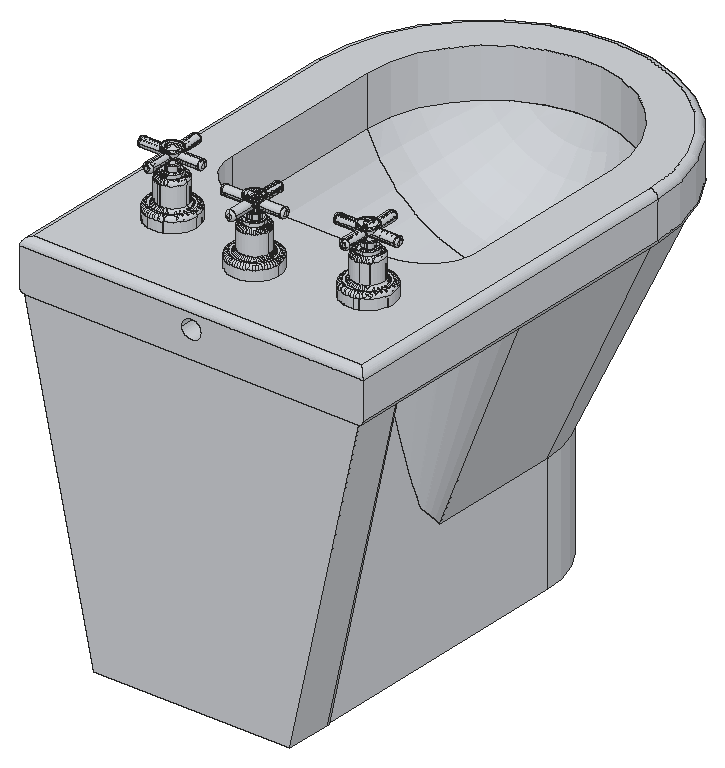
Revit family "Bidê de parede 2 - Com base na parede", category Peças hidrossanitárias, Revit 2019
Family settings
  Hospedeiro = Parede
  Cota do conector redondo = Utilizar diâmetro
  Tipo de parte = Normal
  Sempre na vertical = Sim
  Corte com vazios quando carregada = Não
  Compartilhado = Não
  Ponto de cálculo do ambiente = Não
Parameters (values of type "350 x 550 x 320mm")
  Altura da colocação = 470 mm
  Descrição = "Bidê de parede"
  Material do bidê = none
Reference planes
  plane 1 "Parede": y = 0
  plane 2 "Centro (Esquerda/Direita)": x = 125
  plane 3 "Parte posterior": y = 75
  plane 4: z = 0
  plane 5: z = 470
Text (mm)
  text "Lado da colocação" at (-1848.837, 1116.779, 0), in view "Nível de referência"
  text "Lado da colocação" at (0, 1409.804, 2854.306), in view "Esquerda"
  text "Lado da colocação" at (0, 499.811, 2980.732), in view "Direita"
Dimensions and locks
  locked: plane 3 "Parte posterior" to host wall
  "Altura da colocação": plane 4 to plane 5
  aligned and locked: plane 1 "Parede" to host wall
  aligned and locked: level to plane 4
  aligned and locked: plane 3 "Parte posterior" to nested 1
  aligned and locked: plane 5 to nested 1
Nested families
  nested 1: "Bidê de parede 2" at (125, 75, 100), type "350 x 550 x 370mm"
  nested 2: "Torneira 1" at (125, 155, 470), type "Torneira 1", detail levels fine
  nested 3: "Torneira 1" at (25.242, 174.946, 470), type "Torneira 1", detail levels fine
  nested 4: "Torneira 1" at (224.758, 174.946, 470) x (-1, 0, 0) z (0, 0, 1), type "Torneira 1", detail levels fine
  nested 5: "Torneira 1" at (25, 175, 470) x (0, -1, 0) z (0, 0, 1), type "Torneira 1"
  nested 6: "Torneira 1" at (225, 175, 470) x (0, -1, 0) z (0, 0, 1), type "Torneira 1"
  nested 7: "Torneira 1" at (125, 155, 470) x (0, -1, 0) z (0, 0, 1), type "Torneira 1"
Definition of nested family "Bidê de parede 2"
  Parameters
    Description = "Bidê de parede"
    Material do bidê = none
  Reference planes
    plane 1 "Centro (Frente/Trás)": y = 0
    plane 2: z = 0
    plane 3 "Centro (Esquerda/Direita)": x = 0
    plane 4: x = -175
    plane 5: x = 175
    plane 6: y = -550
    plane 7: z = 370
    plane 8: z = 60
    plane 9: z = 140
    plane 10: y = -380
    plane 11: x = -125
    plane 12: x = 125
    plane 13: y = -220
    plane 14: y = -500
    plane 15: z = 319.834
    plane 16: y = -50
  Forms (mm)
    Extrusion 1, void
      sketch origin (0, 0, 0) x (1, 0, 0) y (0, 1, 0)
        loop
          circle (0, -220) r 32.5
      from -71.014 to 612.06
    Extrusion 2, void
      sketch origin (0, 0, 0) x (1, 0, 0) y (0, 0, 1)
        loop
          circle (0, 346.912) r 10
      from 0 to 250
    Extrusion 3, solid, material <- "Material do bidê"
      sketch origin (-452.107, -1524, 370) x (-1, 0, 0) y (0, -1, 0)
        loop
          line (-277.107, -1524) -> (-277.107, -1149.16)
          arc (-277.107, -1149.16) -> (-452.107, -974.16) -> (-627.107, -1149.16) r 175
          line (-627.107, -1149.16) -> (-627.107, -1524) -> (-277.107, -1524)
        loop
          arc (-377.107, -1366.884) -> (-341.752, -1352.24) -> (-327.107, -1316.884) r 50
          line (-327.107, -1316.884) -> (-327.107, -1144.084)
          arc (-327.107, -1144.084) -> (-452.107, -1019.084) -> (-577.107, -1144.084) r 125
          line (-577.107, -1144.084) -> (-577.107, -1316.884)
          arc (-577.107, -1316.884) -> (-562.462, -1352.24) -> (-527.107, -1366.884) r 50
          line (-527.107, -1366.884) -> (-377.107, -1366.884)
      from -50.166 to 0
    Extrusion 4, solid, material <- "Material do bidê"
      sketch origin (0, 0, 0) x (1, 0, 0) y (0, 1, 0)
        loop
          line (-98.636, -50) -> (-98.636, -330.034)
          arc (-98.636, -330.034) -> (0, -428.669) -> (98.636, -330.034) r 98.636
          line (98.636, -330.034) -> (98.636, -50) -> (-98.636, -50)
      from 0 to 319.834
    Revolve 5, void
      sketch origin (-452.107, -1524, 370) x (-1, 0, 0) y (0, -1, 0)
        loop
          arc (-317.107, -1144.084) -> (-356.648, -1048.625) -> (-452.107, -1009.084) r 135
          line (-452.107, -1009.084) -> (-452.107, -1376.884) -> (-377.107, -1376.884)
          arc (-377.107, -1376.884) -> (-334.681, -1359.311) -> (-317.107, -1316.884) r 60
          line (-317.107, -1316.884) -> (-317.107, -1144.084)
        axis (-452.107, -1009.084) -> (-452.107, -1376.884)
      angle from 0 to 360
    Sweep 6, void
      path origin (-452.107, -1524, 370) x (-1, 0, 0) y (0, -1, 0)
        loop
          line (-277.107, -1524) -> (-277.107, -1149.16)
          arc (-277.107, -1149.16) -> (-452.107, -974.16) -> (-627.107, -1149.16) r 175
          line (-627.107, -1149.16) -> (-627.107, -1524) -> (-277.107, -1524)
      profile origin (-175, -187.42, 370) x (1, 0, 0) y (0, 0, 1)
        loop
          line (10, 0) -> (10, 7.032) -> (-5, 7.032) -> (-5, -12.975) -> (0, -12.975) -> (0, -8)
          arc (0, -8) -> (2.343, -2.343) -> (8, 0) r 8
          line (8, 0) -> (10, 0)
    Blend 7, solid, material <- "Material do bidê"
      base sketch origin (-452.107, -1524, 370) x (-1, 0, 0) y (0, -1, 0)
        loop
          arc (-282.107, -1148.786) -> (-452.107, -978.786) -> (-622.107, -1148.786) r 170
          line (-622.107, -1148.786) -> (-622.107, -1316.884)
          arc (-622.107, -1316.884) -> (-594.282, -1384.059) -> (-527.107, -1411.884) r 95
          line (-527.107, -1411.884) -> (-377.107, -1411.884)
          arc (-377.107, -1411.884) -> (-309.932, -1384.059) -> (-282.107, -1316.884) r 95
          line (-282.107, -1316.884) -> (-282.107, -1148.786)
      top sketch origin (-452.107, -1524, 370) x (-1, 0, 0) y (0, -1, 0)
        loop
          arc (-388.471, -1366.884) -> (-363.723, -1356.633) -> (-353.471, -1331.884) r 35
          line (-353.471, -1331.884) -> (-353.471, -1193.966)
          arc (-353.471, -1193.966) -> (-452.107, -1095.331) -> (-550.743, -1193.966) r 98.636
          line (-550.743, -1193.966) -> (-550.743, -1331.884)
          arc (-550.743, -1331.884) -> (-540.491, -1356.633) -> (-515.743, -1366.884) r 35
          line (-515.743, -1366.884) -> (-388.471, -1366.884)
      from -50.166 to -250
    Sweep 8, void
      path origin (0, 171.53, 319.834) x (0, 1, 0) y (-1, 0, 0)
        loop
          line (-171.53, 175) -> (-546.37, 175)
          arc (-546.37, 175) -> (-721.37, 0) -> (-546.37, -175) r 175
          line (-546.37, -175) -> (-171.53, -175)
      profile origin (-175, -187.42, 319.834) x (1, 0, 0) y (0, 0, 1)
        loop
          line (0, 4.776) -> (0, 6.632) -> (-2.864, 6.632) -> (-2.864, -2.187) -> (6.196, -2.187) -> (6.196, 0) -> (5, 0) -> (3.319, 0.45)
          arc (3.319, 0.45) -> (0.925, 2.05) -> (0, 4.776) r 4.479
    Extrusion 9, solid, material <- "Material do bidê"
      sketch origin (0, 0, 0) x (1, 0, 0) y (0, 0, 1)
        loop
          line (-100, 0) -> (100, 0) -> (170, 319.834) -> (-170, 319.834) -> (-100, 0)
      from 0 to 50
    Sweep 10, void
      path in 3D
        loop
          line (-170, -50, 319.834) -> (-99.848, -50, -0.695)
      profile origin (-134.924, -50, 159.57) x (0.976877, 0, 0.213803) y (0, -1, 0)
        loop
          line (1.397, 0) -> (2.928, 0) -> (2.928, 2.143) -> (-2.17, 2.143) -> (-2.17, -2.499) -> (0, -2.499) -> (0, -1.397)
          arc (0, -1.397) -> (0.409, -0.409) -> (1.397, 0) r 1.397
    Sweep 11, void
      path in 3D
        loop
          line (170, -50, 319.834) -> (99.445, -50, -2.535)
      profile origin (134.723, -50, 158.649) x (0.976877, 0, -0.213803) y (0, -1, 0)
        loop
          arc (-1.397, 0) -> (-0.409, -0.409) -> (0, -1.397) r 1.397
          line (0, -1.397) -> (0, -2.499) -> (2.17, -2.499) -> (2.17, 2.143) -> (-2.928, 2.143) -> (-2.928, 0) -> (-1.397, 0)
  Cuts and joins
    Extrusion 2, Sweep 6, Sweep 8 cuts Extrusion 3
    Extrusion 1, Revolve 5 cuts Extrusion 4
    Extrusion 1, Revolve 5, Sweep 10, Sweep 11 cuts Blend 7
    joined: Extrusion 4, Blend 7
    Sweep 10, Sweep 11 cuts Extrusion 9
  Lines and regions (mm)
    Masking region 1
      outline origin (0, 0, 0) x (1, 0, 0) y (0, 1, 0)
        loop
          arc (-175, -375.103) -> (0, -550.103) -> (175, -375.103) r 175
          line (175, -375.103) -> (175, 0) -> (-175, 0) -> (-175, -375.103)
    Masking region 2
      outline origin (0, 0, 0) x (1, 0, 0) y (0, 0, 1)
        loop
          arc (-169.412, 370) -> (-173.233, 368.226) -> (-174.342, 364.162) r 5
          line (-174.342, 364.162) -> (-165.706, 313.369) -> (-90.501, 33.329)
          arc (-90.501, 33.329) -> (-74.425, 9.291) -> (-47.041, 0) r 45
          line (-47.041, 0) -> (47.041, 0)
          arc (47.041, 0) -> (74.425, 9.291) -> (90.501, 33.329) r 45
          line (90.501, 33.329) -> (165.706, 313.369) -> (174.342, 364.162)
          arc (174.342, 364.162) -> (173.233, 368.226) -> (169.412, 370) r 5
          line (169.412, 370) -> (-169.412, 370)
    Masking region 3
      outline origin (0, 0, 0) x (0, 1, 0) y (0, 0, 1)
        loop
          line (0, 370) -> (-543.942, 370)
          arc (-543.942, 370) -> (-548.945, 367.312) -> (-549.465, 361.656) r 6
          line (-549.465, 361.656) -> (-531.913, 320.306) -> (-517.938, 308.531) -> (-397.726, 176.964)
          arc (-397.726, 176.964) -> (-388.869, 163.921) -> (-384.076, 148.901) r 55
          line (-384.076, 148.901) -> (-369.708, 62.632)
          arc (-369.708, 62.632) -> (-345.909, 20.723) -> (-300.659, 4.132) r 70
          line (-300.659, 4.132) -> (-261.112, 4.132)
          arc (-261.112, 4.132) -> (-259.148, 7.24) -> (-255.665, 8.416) r 5.5
          line (-255.665, 8.416) -> (-90.215, 5.911) -> (-90.215, 1.739) -> (0, 0.373) -> (0, 370)
    symbolic lines
      curve 1: line (-175, 0, 0) -> (175, 0, 0)
      curve 2: line (175, 0, 0) -> (175, -375.103, 0)
      curve 3: line (-175, -375.103, 0) -> (-175, 0, 0)
      curve 4: arc (175, -375.103, 0) -> (0, -550.103, 0) -> (-175, -375.103, 0) r 175
      curve 5: line (-125, -379.916, 0) -> (-125, -207.116, 0)
      curve 6: line (125, -207.116, 0) -> (125, -379.916, 0)
      curve 7: line (-75, -157.116, 0) -> (75, -157.116, 0)
      curve 8: arc (-125, -207.116, 0) -> (-110.355, -171.76, 0) -> (-75, -157.116, 0) r 50
      curve 9: arc (75, -157.116, 0) -> (110.355, -171.76, 0) -> (125, -207.116, 0) r 50
      curve 10: arc (125, -379.916, 0) -> (0, -504.916, 0) -> (-125, -379.916, 0) r 125
      curve 12: line (169.412, 0, 370) -> (-169.412, 0, 370)
      curve 13: line (0, 0, 370) -> (0, 0, 0)
      curve 14: line (0, 0, 0) -> (0, -504.136, 0)
      curve 15: line (0, -543.942, 370) -> (0, 0, 370)
      curve 21: line (-174.342, 0, 364.162) -> (-165.706, 0, 313.369)
      curve 22: line (-165.706, 0, 313.369) -> (-90.501, 0, 33.329)
      curve 23: arc (-90.501, 0, 33.329) -> (-74.425, 0, 9.291) -> (-47.041, 0, 0) r 45
      curve 24: arc (47.041, 0, 0) -> (74.425, 0, 9.291) -> (90.501, 0, 33.329) r 45
      curve 25: line (90.501, 0, 33.329) -> (165.706, 0, 313.369)
      curve 26: line (165.706, 0, 313.369) -> (174.342, 0, 364.162)
      curve 27: arc (174.342, 0, 364.162) -> (173.233, 0, 368.226) -> (169.412, 0, 370) r 5
      curve 28: arc (-169.412, 0, 370) -> (-173.233, 0, 368.226) -> (-174.342, 0, 364.162) r 5
      curve 29: line (-169.412, 0, 370) -> (169.412, 0, 370)
      curve 30: arc (-69.391, 0, 161.067) -> (-72.392, 0, 181.912) -> (-81.995, 0, 200.654) r 64
      curve 31: line (-72.301, 0, 30.669) -> (-69.391, 0, 161.067)
      curve 32: line (-165.706, 0, 313.369) -> (162.261, 0, 313.369)
      curve 33: line (-165.706, 0, 313.369) -> (-81.995, 0, 200.654)
      curve 34: line (-42.308, 0, 0) -> (47.041, 0, 0)
      curve 35: arc (-42.308, 0, 0) -> (-63.757, 0, 9.025) -> (-72.301, 0, 30.669) r 30
      curve 36: arc (69.391, 0, 161.067) -> (72.392, 0, 181.912) -> (81.995, 0, 200.654) r 64
      curve 37: line (72.301, 0, 30.669) -> (69.391, 0, 161.067)
      curve 38: line (165.706, 0, 313.369) -> (81.995, 0, 200.654)
      curve 39: arc (42.308, 0, 0) -> (63.757, 0, 9.025) -> (72.301, 0, 30.669) r 30
      curve 55: arc (0, -35.28, 8.12) -> (0, -37.948, 3.019) -> (0, -43.349, 1.03) r 8
      curve 56: line (0, -35.228, 316.531) -> (0, -35.228, 9.029)
      curve 57: line (0, -531.587, 320.031) -> (0, -38.728, 320.031)
      curve 58: arc (0, -38.728, 320.031) -> (0, -36.254, 319.006) -> (0, -35.228, 316.531) r 3.5
      curve 81: line (0, -517.938, 308.535) -> (0, -397.725, 176.964)
      curve 82: arc (0, -397.725, 176.964) -> (0, -388.869, 163.92) -> (0, -384.076, 148.901) r 55
      curve 83: line (0, -384.076, 148.901) -> (0, -369.708, 62.632)
      curve 84: arc (0, -369.708, 62.632) -> (0, -345.909, 20.723) -> (0, -300.659, 4.132) r 70
      curve 85: line (0, -300.659, 4.132) -> (0, -261.112, 4.132)
      curve 86: line (0, -255.665, 8.416) -> (0, -90.215, 5.911)
      curve 87: arc (0, -261.112, 4.132) -> (0, -259.148, 7.24) -> (0, -255.665, 8.416) r 5.5
      curve 88: line (0, -90.215, 1.739) -> (0, 0, 0.373)
      curve 89: line (0, -90.215, 5.911) -> (0, -90.215, 1.739)
      curve 90: line (0, -531.913, 320.306) -> (0, -517.938, 308.535)
      curve 91: line (0, -549.465, 361.656) -> (0, -531.913, 320.306)
      curve 92: arc (0, -543.942, 370) -> (0, -548.945, 367.312) -> (0, -549.465, 361.656) r 6
    symbolic lines, detail levels fine
      curve 11: circle (0, -80, 0) r 17.5 normal (0, 0, 1)
      curve 16: circle (0, -220, 0) r 32.5 normal (0, 0, 1)
      curve 18: circle (0, -380, 0) r 12 normal (0, 0, 1)
      curve 19: circle (99.769, -100, 0) r 17.5 normal (0, 0, -1)
      curve 20: circle (-99.769, -100, 0) r 17.5 normal (0, 0, 1)
      curve 40: line (-81.054, 0, 179.834) -> (-84.232, 0, 37.436)
      curve 41: line (-105.362, 0, 232.117) -> (-142.228, 0, 227.846)
      curve 42: line (-124.241, 0, 257.536) -> (-150.847, 0, 259.941)
      curve 43: arc (-116.979, 0, 247.759) -> (-116.955, 0, 240.04) -> (-109.573, 0, 237.786) r 6.5
      curve 45: arc (-81.054, 0, 179.834) -> (-82.965, 0, 195.715) -> (-89.25, 0, 210.423) r 56.488
      curve 46: circle (-45.389, 0, 188.399) r 10 normal (0, -1, 0)
      curve 47: line (105.362, 0, 232.117) -> (142.228, 0, 227.846)
      curve 48: line (124.241, 0, 257.536) -> (150.847, 0, 259.941)
      curve 49: arc (116.979, 0, 247.759) -> (116.955, 0, 240.04) -> (109.573, 0, 237.786) r 6.5
      curve 50: circle (45.389, 0, 188.399) r 10 normal (0, 1, 0)
      curve 51: line (81.054, 0, 179.834) -> (84.232, 0, 37.436)
      curve 52: arc (81.054, 0, 179.834) -> (82.965, 0, 195.715) -> (89.25, 0, 210.423) r 56.488
      curve 53: arc (-84.232, 0, 37.436) -> (-72.565, 0, 9.764) -> (-44.146, 0, 0.056) r 36.717
      curve 54: arc (84.232, 0, 37.436) -> (72.813, 0, 9.998) -> (44.825, 0, 0) r 36.717
      curve 59: arc (0, -48.786, 236.928) -> (0, -58.757, 249.489) -> (0, -48.943, 262.174) r 13
      curve 60: line (0, -48.943, 262.174) -> (0, -35.316, 265.619)
      curve 61: line (0, -35.316, 233.523) -> (0, -48.786, 236.928)
      curve 62: arc (0, -46.139, 261.881) -> (0, -54.895, 249.617) -> (0, -46.185, 237.321) r 13
      curve 63: line (0, -46.185, 237.321) -> (0, -35.316, 233.523)
      curve 64: line (0, -35.316, 265.619) -> (0, -46.139, 261.881)
      curve 65: line (0, -48.943, 262.174) -> (0, -35.316, 265.619)
      curve 66: line (0, -60.316, 316.334) -> (0, -60.316, 214.666)
      curve 67: arc (0, -60.316, 214.666) -> (0, -58.34, 208.068) -> (0, -53.06, 203.643) r 12
      curve 75: arc (0, -79.27, 207.942) -> (0, -90.303, 201.817) -> (0, -101.336, 207.942) r 13
      curve 76: arc (0, -101.336, 207.942) -> (0, -90.303, 214.067) -> (0, -79.27, 207.942) r 13
      curve 77: arc (0, -100.015, 206.175) -> (0, -90.303, 210.534) -> (0, -80.591, 206.175) r 13
      curve 78: arc (0, -80.872, 320.031) -> (0, -89.74, 298.096) -> (0, -100.473, 319.181) r 13
      curve 80: arc (0, -63.816, 319.834) -> (0, -61.342, 318.809) -> (0, -60.316, 316.334) r 3.5
    symbolic lines, detail levels medium+fine
      curve 17: circle (0, -220, 0) r 22.5 normal (0, 0, 1)
      curve 44: circle (0, 0, 110.113) r 20.01 normal (0, -1, 0)
      curve 68: arc (0, -44.613, 191.495) -> (0, -47.1, 198.776) -> (0, -53.06, 203.643) r 14
      curve 69: line (0, -35.28, 8.12) -> (0, -44.613, 191.495)
      curve 70: line (0, -116.902, 200.352) -> (0, -53.06, 203.643)
      curve 71: arc (0, -130.012, 213.753) -> (0, -126.481, 204.094) -> (0, -116.902, 200.352) r 12.5
      curve 72: line (0, -123.396, 303.619) -> (0, -131.463, 194.048)
      curve 73: arc (0, -131.463, 194.048) -> (0, -136.908, 182.602) -> (0, -148.651, 177.835) r 17.5
      curve 74: line (0, -148.651, 177.835) -> (0, -395.285, 174.102)
      curve 79: arc (0, -105.943, 319.834) -> (0, -117.854, 315.155) -> (0, -123.396, 303.619) r 17.5
    sketch lines
      curve 93: line (-170, -50, 319.834) -> (-99.848, -50, -0.695)
      curve 94: line (170, -50, 319.834) -> (99.445, -50, -2.535)
  Dimensions and locks
    locked: plane 6 to plane 1 "Centro (Frente/Trás)" at 550
    equal spacing: plane 4, plane 3 "Centro (Esquerda/Direita)", plane 5
    locked: plane 4 to plane 5 at 350
    locked: plane 7 to plane 2 at 370
    equal spacing: plane 11, plane 3 "Centro (Esquerda/Direita)", plane 12
    locked: plane 11 to plane 12 at 250
    plane 13 to plane 1 "Centro (Frente/Trás)" = 220 mm
    locked: plane 7 to plane 15 at 50.166
    plane 1 "Centro (Frente/Trás)" to plane 16 = 50 mm
    aligned and locked: level to plane 2
    aligned and locked: plane 3 "Centro (Esquerda/Direita)" to curve 11
    aligned and locked: plane 3 "Centro (Esquerda/Direita)" to curve 16
    aligned and locked: Extrusion 1 sketch curve to curve 16
    aligned and locked: plane 4 to curve 3
    aligned and locked: plane 1 "Centro (Frente/Trás)" to curve 1
    aligned and locked: plane 5 to curve 2
    aligned and locked: curve 5 to plane 11
    aligned and locked: plane 7 to curve 12  (x2)
    aligned and locked: plane 1 "Centro (Frente/Trás)" to Masking region 1 sketch curve
    aligned and locked: plane 4 to Masking region 1 sketch curve
    aligned and locked: plane 5 to Masking region 1 sketch curve
    aligned and locked: Masking region 2 sketch curve to plane 7
    aligned and locked: plane 7 to Masking region 3 sketch curve
    aligned and locked: Masking region 3 sketch curve to plane 1 "Centro (Frente/Trás)"
    aligned and locked: plane 13 to curve 17
    aligned and locked: plane 13 to curve 16
    aligned and locked: plane 7 to Extrusion 3
    aligned and locked: Extrusion 3 to plane 15
    aligned and locked: plane 15 to Blend 7
    aligned and locked: Sweep 8 sketch curve to plane 4  (x2)
    aligned and locked: Sweep 8 sketch curve to cut or joined group of Extrusion 2, Extrusion 3, Sweep 6, Sweep 8
    aligned and locked: Sweep 8 sketch curve to plane 15
    aligned and locked: nested 3 to Extrusion 4
    aligned and locked: plane 16 to Extrusion 9
  Automatic sketch dimensions
    plane 10 to Masking region 1 sketch curve = 4.897 mm
    curve 15 to plane 7 = 0 mm
    curve 14 to level = 0 mm
    curve 15 to plane 1 "Centro (Frente/Trás)" = 0 mm
    curve 88 to plane 1 "Centro (Frente/Trás)" = 0 mm
    curve 56 to plane 16 = 14.772 mm  (x2)
    curve 56 to plane 15 = 3.303 mm
    curve 69 to curve 56 = 0.052 mm
    curve 60 to plane 16 = 14.684 mm
    curve 63 to plane 16 = 14.684 mm
    curve 58 to curve 56 = 3.5 mm
    plane 15 to curve 57 = 0.197 mm
    curve 57 to curve 58 = 0 mm
    curve 62 to plane 16 = 8.105 mm
    curve 55 to plane 16 = 6.772 mm
    level to curve 55 = 1.03 mm
    curve 55 to plane 16 = 6.651 mm
    curve 69 to plane 16 = 5.387 mm
    curve 59 to curve 62 = 3.862 mm
    curve 64 to plane 16 = 3.861 mm
    curve 62 to plane 16 = 3.815 mm
    curve 67 to plane 16 = 1.684 mm
    curve 61 to plane 16 = 1.214 mm
    curve 59 to plane 16 = 1.057 mm
    plane 16 to curve 67 = 3.06 mm
    curve 68 to curve 67 = 0 mm
    curve 70 to curve 68 = 0 mm
    plane 16 to curve 68 = 8.594 mm
    plane 16 to curve 67 = 10.316 mm
    curve 66 to plane 15 = 3.5 mm
    plane 16 to curve 66 = 10.316 mm
    curve 80 to curve 66 = 3.5 mm
    plane 15 to curve 80 = 0 mm
    curve 80 to curve 80 = 0 mm
    curve 75 to curve 66 = 18.953 mm
    curve 77 to curve 76 = 1.321 mm
    curve 78 to curve 80 = 17.055 mm
    level to curve 89 = 1.739 mm
    plane 16 to curve 89 = 40.215 mm
    curve 76 to curve 77 = 9.712 mm
    curve 75 to curve 76 = 11.033 mm
    curve 78 to curve 78 = 9.431 mm
    curve 77 to curve 76 = 0 mm
    curve 78 to plane 15 = 0.653 mm
    curve 78 to curve 78 = 10.17 mm
    plane 15 to curve 79 = 0 mm
    curve 79 to curve 78 = 5.47 mm
    curve 79 to curve 79 = 0 mm
    curve 71 to curve 76 = 15.566 mm
    curve 71 to curve 71 = 0.644 mm
    curve 72 to plane 15 = 16.215 mm
    curve 72 to curve 79 = 17.453 mm
    curve 71 to curve 71 = 12.466 mm
    curve 72 to curve 71 = 14.561 mm
    curve 74 to curve 73 = 17.188 mm
    curve 73 to curve 73 = 17.453 mm
    level to curve 87 = 8.416 mm
    curve 87 to plane 13 = 35.665 mm
    curve 87 to curve 86 = 0.083 mm
    level to curve 85 = 4.132 mm
    curve 85 to curve 87 = 5.364 mm
    level to curve 84 = 4.132 mm
    curve 84 to curve 85 = 39.548 mm
    plane 8 to curve 84 = 14.132 mm
    curve 84 to curve 84 = 0 mm
    plane 8 to curve 84 = 2.632 mm
    curve 83 to plane 10 = 4.076 mm
    curve 74 to plane 10 = 15.285 mm
    curve 82 to curve 74 = 2.44 mm
    curve 82 to plane 9 = 0.135 mm
    curve 82 to curve 74 = 43.044 mm
    curve 14 to plane 14 = 4.136 mm
    curve 90 to plane 14 = 17.938 mm
    curve 57 to curve 81 = 13.648 mm
    plane 15 to curve 90 = 0.472 mm
    curve 90 to curve 57 = 0.326 mm
    plane 6 to curve 92 = 6.058 mm
    plane 6 to curve 92 = 0.535 mm
    level to curve 88 = 0.373 mm
    curve 88 to curve 89 = 4.173 mm
    level to curve 69 = 8.12 mm
    curve 55 to curve 56 = 0.909 mm
    plane 9 to curve 82 = 8.901 mm
    plane 9 to curve 73 = 37.835 mm
    plane 9 to curve 68 = 50.784 mm
    curve 74 to curve 72 = 16.213 mm
    curve 68 to curve 77 = 6.75 mm
    curve 72 to curve 70 = 6.305 mm
    curve 77 to curve 76 = 3.534 mm
    curve 68 to curve 70 = 0 mm
    curve 76 to curve 77 = 5.108 mm
    curve 77 to curve 76 = 1.767 mm
    curve 71 to curve 71 = 12.483 mm
    curve 66 to curve 67 = 0 mm
    curve 67 to curve 61 = 18.857 mm
    curve 61 to curve 59 = 3.406 mm
    curve 59 to curve 63 = 0.393 mm
    curve 62 to curve 59 = 12.249 mm
    curve 59 to curve 62 = 0.023 mm
    curve 62 to curve 65 = 3.738 mm
    curve 91 to plane 7 = 8.344 mm
    curve 23 to level = 0 mm
    curve 34 to level = 0 mm
    plane 4 to curve 21 = 0.658 mm
    plane 4 to curve 28 = 5.588 mm
    plane 4 to curve 22 = 9.294 mm
    plane 4 to curve 42 = 24.153 mm
    plane 11 to curve 41 = 17.228 mm
    plane 11 to curve 45 = 12.528 mm
    plane 11 to curve 30 = 8.375 mm
    curve 42 to plane 11 = 0.759 mm
    curve 43 to plane 11 = 8.021 mm
    curve 43 to curve 43 = 5.242 mm
    curve 43 to curve 43 = 2.164 mm
    curve 43 to curve 41 = 4.211 mm
    curve 22 to plane 11 = 34.499 mm
    curve 41 to curve 45 = 16.112 mm
    curve 40 to plane 8 = 22.564 mm
    curve 23 to curve 40 = 6.27 mm
    curve 45 to curve 30 = 7.255 mm
    curve 30 to curve 45 = 0.941 mm
    curve 53 to curve 35 = 11.931 mm
    curve 45 to curve 30 = 11.663 mm
    curve 53 to plane 8 = 23.383 mm
    curve 35 to curve 53 = 24.777 mm
    curve 53 to curve 23 = 0.483 mm
    curve 30 to curve 46 = 24.003 mm
    level to curve 53 = 0.056 mm
    curve 53 to curve 35 = 5.216 mm
    plane 3 "Centro (Esquerda/Direita)" to curve 44 = 0 mm
    plane 3 "Centro (Esquerda/Direita)" to curve 39 = 42.308 mm
    curve 39 to curve 54 = 2.517 mm
    plane 3 "Centro (Esquerda/Direita)" to curve 50 = 45.389 mm
    curve 54 to curve 34 = 2.216 mm
    curve 24 to curve 54 = 0.483 mm
    plane 9 to curve 36 = 21.067 mm
    curve 50 to curve 36 = 24.003 mm
    curve 54 to curve 39 = 24.777 mm
    curve 37 to curve 52 = 11.663 mm
    curve 51 to curve 38 = 0.941 mm
    curve 37 to curve 54 = 11.931 mm
    curve 36 to curve 52 = 7.255 mm
    curve 25 to plane 8 = 26.671 mm
    curve 54 to curve 25 = 6.27 mm
    curve 47 to plane 12 = 19.638 mm
    curve 47 to curve 49 = 4.211 mm
    curve 49 to curve 49 = 2.164 mm
    curve 49 to curve 49 = 5.242 mm
    curve 48 to plane 12 = 0.759 mm
    plane 12 to curve 36 = 8.375 mm
    plane 12 to curve 52 = 12.528 mm
    plane 12 to curve 47 = 17.228 mm
    plane 5 to curve 48 = 24.153 mm
    plane 5 to curve 32 = 12.739 mm
    curve 32 to curve 26 = 3.445 mm
    plane 5 to curve 27 = 5.588 mm
    plane 5 to curve 27 = 0.658 mm
    curve 39 to curve 24 = 15 mm
    curve 22 to curve 40 = 4.108 mm
    curve 54 to curve 24 = 8.383 mm
    curve 44 to plane 9 = 29.887 mm
    plane 9 to curve 31 = 21.067 mm
    plane 9 to curve 30 = 22.495 mm
    plane 9 to curve 36 = 22.495 mm
    curve 45 to curve 30 = 20.819 mm
    curve 51 to curve 36 = 20.819 mm
    curve 30 to curve 45 = 18.599 mm
    curve 36 to curve 52 = 18.599 mm
    curve 30 to curve 46 = 27.332 mm
    curve 36 to curve 50 = 27.332 mm
    curve 41 to curve 43 = 19.913 mm
    curve 47 to curve 49 = 19.913 mm
    curve 48 to curve 48 = 2.405 mm
    curve 42 to curve 42 = 2.405 mm
    curve 28 to plane 7 = 5.838 mm
    curve 27 to plane 7 = 5.838 mm
    curve 16 to curve 17 = 0 mm
    curve 18 to plane 3 "Centro (Esquerda/Direita)" = 0 mm
    curve 10 to plane 3 "Centro (Esquerda/Direita)" = 0 mm
    curve 18 to plane 10 = 0 mm
    curve 20 to plane 11 = 25.231 mm
    curve 8 to plane 11 = 50 mm
    curve 9 to plane 12 = 50 mm
    curve 19 to plane 12 = 25.231 mm
    plane 10 to curve 10 = 0.084 mm
    plane 10 to curve 4 = 4.897 mm
    plane 13 to curve 8 = 12.884 mm
    plane 16 to curve 19 = 50 mm
    plane 16 to curve 20 = 50 mm
    plane 16 to curve 11 = 30 mm
    Extrusion 2 sketch curve to plane 3 "Centro (Esquerda/Direita)" = 0 mm
    Extrusion 2 sketch curve to plane 7 = 23.088 mm
    Masking region 2 sketch curve to level = 0 mm
    plane 4 to Masking region 2 sketch curve = 0.658 mm
    Masking region 2 sketch curve to Masking region 2 sketch curve = 4.929 mm
    plane 4 to Masking region 2 sketch curve = 9.294 mm
    Masking region 2 sketch curve to plane 11 = 34.499 mm
    Masking region 2 sketch curve to plane 3 "Centro (Esquerda/Direita)" = 47.041 mm
    Masking region 2 sketch curve to plane 8 = 15 mm
    plane 3 "Centro (Esquerda/Direita)" to Masking region 2 sketch curve = 47.041 mm
    Masking region 2 sketch curve to plane 8 = 26.671 mm
    plane 5 to Masking region 2 sketch curve = 9.294 mm
    plane 5 to Masking region 2 sketch curve = 5.588 mm
    plane 5 to Masking region 2 sketch curve = 0.658 mm
    level to Masking region 2 sketch curve = 33.329 mm
    Masking region 2 sketch curve to plane 15 = 6.465 mm  (x2)
    Masking region 2 sketch curve to plane 7 = 5.838 mm  (x2)
    level to Masking region 3 sketch curve = 5.911 mm
    plane 16 to Masking region 3 sketch curve = 40.215 mm
    level to Masking region 3 sketch curve = 8.416 mm
    Masking region 3 sketch curve to plane 13 = 35.665 mm
    Masking region 3 sketch curve to Masking region 3 sketch curve = 0.083 mm
    level to Masking region 3 sketch curve = 4.132 mm  (x2)
    Masking region 3 sketch curve to Masking region 3 sketch curve = 5.364 mm
    Masking region 3 sketch curve to Masking region 3 sketch curve = 39.548 mm
    plane 8 to Masking region 3 sketch curve = 14.132 mm
    Masking region 3 sketch curve to Masking region 3 sketch curve = 0 mm
    plane 8 to Masking region 3 sketch curve = 2.632 mm
    Masking region 3 sketch curve to plane 10 = 4.076 mm
    Masking region 3 sketch curve to plane 10 = 17.726 mm
    Masking region 3 sketch curve to plane 9 = 0.135 mm
    Masking region 3 sketch curve to Masking region 3 sketch curve = 40.603 mm
    Masking region 3 sketch curve to plane 14 = 17.938 mm
    plane 15 to Masking region 3 sketch curve = 0.472 mm
    plane 6 to Masking region 3 sketch curve = 18.087 mm
    plane 6 to Masking region 3 sketch curve = 6.058 mm
    plane 6 to Masking region 3 sketch curve = 0.535 mm
    level to Masking region 3 sketch curve = 1.739 mm
    level to Masking region 3 sketch curve = 0.373 mm
    plane 9 to Masking region 3 sketch curve = 8.901 mm
    Masking region 3 sketch curve to plane 15 = 11.303 mm
    Masking region 3 sketch curve to plane 7 = 8.344 mm
    plane 1 "Centro (Frente/Trás)" to Extrusion 3 sketch curve = 0 mm
    Extrusion 3 sketch curve to plane 5 = 0 mm
    Extrusion 3 sketch curve to plane 12 = 0 mm
    Extrusion 3 sketch curve to plane 3 "Centro (Esquerda/Direita)" = 0 mm  (x2)
    plane 13 to Extrusion 3 sketch curve = 12.884 mm
    Extrusion 3 sketch curve to plane 12 = 50 mm
    Extrusion 3 sketch curve to plane 11 = 50 mm
    plane 10 to Extrusion 3 sketch curve = 5.16 mm
    plane 10 to Extrusion 3 sketch curve = 0.084 mm
    plane 16 to Extrusion 4 sketch curve = 0 mm
    plane 3 "Centro (Esquerda/Direita)" to Extrusion 4 sketch curve = 0 mm
    Extrusion 4 sketch curve to plane 11 = 26.364 mm
    plane 10 to Extrusion 4 sketch curve = 49.966 mm
    Revolve 5 sketch curve to plane 3 "Centro (Esquerda/Direita)" = 0 mm  (x2)
    Revolve 5 sketch curve to plane 11 = 50 mm
    plane 11 to Revolve 5 sketch curve = 10 mm
    Revolve 5 sketch curve to plane 1 "Centro (Frente/Trás)" = 1462.695 mm
    plane 13 to Revolve 5 sketch curve = 72.884 mm
    plane 10 to Revolve 5 sketch curve = 0.084 mm
    Revolve 5 sketch curve to plane 6 = 672.545 mm
    plane 1 "Centro (Frente/Trás)" to Sweep 6 sketch curve = 0 mm
    Sweep 6 sketch curve to plane 5 = 0 mm
    Sweep 6 sketch curve to plane 3 "Centro (Esquerda/Direita)" = 0 mm
    plane 10 to Sweep 6 sketch curve = 5.16 mm
    profile plane to Sweep 6 sketch curve = 0 mm
    Sweep 6 sketch curve to plane 7 = 0 mm
    profile plane to Sweep 6 sketch curve = 5 mm
    Sweep 6 sketch curve to profile plane = 8 mm
    Sweep 6 sketch curve to Sweep 6 sketch curve = 2 mm
    Sweep 6 sketch curve to Sweep 6 sketch curve = 4.975 mm
    plane 7 to Sweep 6 sketch curve = 7.032 mm
    Blend 7 sketch curve to plane 3 "Centro (Esquerda/Direita)" = 0 mm  (x2)
    Blend 7 sketch curve to plane 12 = 50 mm
    plane 5 to Blend 7 sketch curve = 5 mm
    Blend 7 sketch curve to plane 11 = 50 mm
    plane 16 to Blend 7 sketch curve = 62.116 mm
    plane 10 to Blend 7 sketch curve = 4.786 mm
    plane 1 "Centro (Frente/Trás)" to Sweep 8 sketch curve = 0 mm  (x2)
    profile plane to Sweep 8 sketch curve = 2.864 mm
    plane 15 to Sweep 8 sketch curve = 0.45 mm
    Sweep 8 sketch curve to profile plane = 3.319 mm
    Sweep 8 sketch curve to profile plane = 4.479 mm
    Sweep 8 sketch curve to Sweep 8 sketch curve = 1.681 mm
    Sweep 8 sketch curve to Sweep 8 sketch curve = 1.196 mm
    Sweep 8 sketch curve to plane 15 = 2.187 mm
    Sweep 8 sketch curve to Sweep 8 sketch curve = 1.856 mm
    Extrusion 9 sketch curve to plane 15 = 0 mm
    Extrusion 9 sketch curve to level = 0 mm
    plane 4 to Extrusion 9 sketch curve = 5 mm
    Extrusion 9 sketch curve to plane 11 = 25 mm
    Extrusion 9 sketch curve to plane 12 = 25 mm
    plane 5 to Extrusion 9 sketch curve = 5 mm
    Sweep 10 sketch curve to profile plane = 0 mm  (x2)
    profile plane to Sweep 10 sketch curve = 2.17 mm
    Sweep 10 sketch curve to profile plane = 1.397 mm
    Sweep 10 sketch curve to Sweep 10 sketch curve = 1.531 mm
    Sweep 10 sketch curve to Sweep 10 sketch curve = 1.103 mm
    profile plane to Sweep 10 sketch curve = 2.143 mm
    Sweep 11 sketch curve to profile plane = 0 mm  (x2)
    profile plane to Sweep 11 sketch curve = 1.397 mm
    Sweep 11 sketch curve to Sweep 11 sketch curve = 1.531 mm
    Sweep 11 sketch curve to Sweep 11 sketch curve = 2.17 mm
    Sweep 11 sketch curve to Sweep 11 sketch curve = 1.103 mm
    profile plane to Sweep 11 sketch curve = 2.143 mm
    Blend 7 sketch curve to plane 12 = 61.364 mm
    Blend 7 sketch curve to plane 12 = 26.364 mm
    Blend 7 sketch curve to Blend 7 sketch curve = 35 mm
    plane 13 to Blend 7 sketch curve = 62.884 mm
    plane 10 to Blend 7 sketch curve = 49.966 mm
    radius of curve 44 = 20.01 mm
    radius of curve 46 = 10 mm
    radius of curve 50 = 10 mm
    radius of curve 11 = 17.5 mm
    radius of curve 16 = 32.5 mm
    radius of curve 17 = 22.5 mm
    radius of curve 18 = 12 mm
    radius of curve 19 = 17.5 mm
    radius of curve 20 = 17.5 mm
    radius of Extrusion 2 sketch curve = 10 mm
  Nested families
    nested 1: "Torneira 1" at (-100, -100, 370) x (0, 1, 0) z (0, 0, 1), type "Torneira 1", detail levels fine
    nested 2: "Torneira 1" at (100, -100, 370) x (0, 1, 0) z (0, 0, 1), type "Torneira 1", detail levels fine
    nested 3: "Torneira 1" at (0, -80, 370) x (0, 1, 0) z (0, 0, 1), type "Torneira 1", detail levels fine
  Definition of nested family "Torneira 1"
    Parameters
      Material da torneira = none
      Default Elevation = 1219.2 mm
    Reference planes
      plane 1 "Centro (Frente/Trás)": y = 0
      plane 2: z = 0
      plane 3 "Centro (Esquerda/Direita)": x = 0
    Forms (mm)
      Extrusion 1, solid
        sketch origin (0, 0, 0) x (1, 0, 0) y (0, 1, 0)
          loop
            line (-95, 100) -> (-95, -57.6) -> (44.803, -57.6) -> (44.803, 100) -> (-95, 100)
        from 0 to -50
      Extrusion 2, solid, material <- "Material da torneira"
        sketch origin (0, 0, 0) x (1, 0, 0) y (0, 1, 0)
          loop
            circle (0, 0) r 25
        from 0 to 10
      Revolve 3, solid, material <- "Material da torneira"
        sketch origin (0, 0, 0) x (1, 0, 0) y (0, 0, 1)
          loop
            arc (25, 10) -> (23.828, 12.828) -> (21, 14) r 4
            line (21, 14) -> (0, 14) -> (0, 10) -> (25, 10)
          axis (0, 10) -> (0, 14)
        angle from 0 to 360
      Revolve 4, solid, material <- "Material da torneira"
        sketch origin (0, 0, 0) x (1, 0, 0) y (0, 0, 1)
          loop
            line (15, 17) -> (0, 17) -> (0, 14) -> (18, 14)
            arc (18, 14) -> (15.879, 14.879) -> (15, 17) r 3
          axis (0, 14) -> (0, 17)
        angle from 0 to 360
      Extrusion 5, solid, material <- "Material da torneira"
        sketch origin (0, 0, 0) x (1, 0, 0) y (0, 1, 0)
          loop
            circle (0, 0) r 15
        from 17 to 37
      Revolve 6, solid, material <- "Material da torneira"
        sketch origin (0, 0, 0) x (1, 0, 0) y (0, 0, 1)
          loop
            arc (15, 37) -> (13.828, 39.828) -> (11, 41) r 4
            line (11, 41) -> (0, 41) -> (0, 37) -> (15, 37)
          axis (0, 37) -> (0, 41)
        angle from 0 to 360
      Extrusion 7, solid, material <- "Material da torneira"
        sketch origin (0, 0, 0) x (1, 0, 0) y (0, 1, 0)
          loop
            circle (0, 0) r 10
        from 41 to 44
      Revolve 8, solid, material <- "Material da torneira"
        sketch origin (0, 0, 0) x (1, 0, 0) y (0, 0, 1)
          loop
            line (6, 45) -> (0, 45) -> (0, 44) -> (10, 44)
            arc (10, 44) -> (8.062, 44.746) -> (6, 45) r 8.5
          axis (0, 44) -> (0, 45)
        angle from 0 to 360
      Extrusion 9, solid, material <- "Material da torneira"
        sketch origin (0, 0, 0) x (1, 0, 0) y (0, 1, 0)
          loop
            circle (0, 0) r 6
        from 45 to 52.5
      Revolve 10, solid, material <- "Material da torneira"
        sketch origin (0, 0, 0) x (1, 0, 0) y (0, 0, 1)
          loop
            line (10, 53.5) -> (0, 53.5) -> (0, 52.5) -> (9, 52.5)
            arc (9, 52.5) -> (9.707, 52.793) -> (10, 53.5) r 1
          axis (0, 52.5) -> (0, 53.5)
        angle from 0 to 360
      Extrusion 11, solid, material <- "Material da torneira"
        sketch origin (0, 0, 0) x (1, 0, 0) y (0, 1, 0)
          loop
            circle (0, 0) r 10
        from 53.5 to 54.5
      Extrusion 12, solid, material <- "Material da torneira"
        sketch origin (0, 0, 0) x (1, 0, 0) y (0, 1, 0)
          loop
            circle (0, 0) r 10
        from 63.945 to 64.945
      Revolve 13, solid, material <- "Material da torneira"
        sketch origin (0, 0, 0) x (1, 0, 0) y (0, 0, 1)
          loop
            line (10, 63.945) -> (0, 63.945) -> (0, 54.5) -> (10, 54.5)
            arc (10, 54.5) -> (8.931, 59.222) -> (10, 63.945) r 10.967
          axis (0, 54.5) -> (0, 63.945)
        angle from 0 to 360
      Revolve 14, solid, material <- "Material da torneira"
        sketch origin (0, 0, 0) x (1, 0, 0) y (0, 0, 1)
          loop
            arc (10, 64.945) -> (9.707, 65.652) -> (9, 65.945) r 1
            line (9, 65.945) -> (0, 65.945) -> (0, 64.945) -> (10, 64.945)
          axis (0, 64.945) -> (0, 65.945)
        angle from 0 to 360
      Revolve 15, solid, material <- "Material da torneira"
        sketch origin (0, 0, 0) x (1, 0, 0) y (0, 0, 1)
          loop
            arc (8, 65.945) -> (4.079, 67.114) -> (0, 67.445) r 19.602
            line (0, 67.445) -> (0, 65.945) -> (8, 65.945)
          axis (0, 65.945) -> (0, 67.445)
        angle from 0 to 360
      Extrusion 16, solid, material <- "Material da torneira"
        sketch origin (0, 0, 0) x (1, 0, 0) y (0, 0, 1)
          loop
            circle (0, 59.222) r 4.722
        from 0 to 30
      Revolve 17, solid, material <- "Material da torneira"
        sketch origin (0, 0, 0) x (0, 1, 0) y (0, 0, 1)
          loop
            arc (-30, 63.945) -> (-31.414, 63.359) -> (-32, 61.945) r 2
            line (-32, 61.945) -> (-32, 59.222) -> (-30, 59.222) -> (-30, 63.945)
          axis (-30, 59.222) -> (-32, 59.222)
        angle from 0 to 360
      Extrusion 18, solid, material <- "Material da torneira"
        sketch origin (0, 0, 0) x (0, 1, 0) y (0, 0, -1)
          loop
            circle (0, -59.222) r 4.722
        from 0 to 30
      Revolve 19, solid, material <- "Material da torneira"
        sketch origin (0, 0, 0) x (1, 0, 0) y (0, 0, -1)
          loop
            line (-30, -63.945) -> (-30, -59.222) -> (-32, -59.222) -> (-32, -61.945)
            arc (-32, -61.945) -> (-31.414, -63.359) -> (-30, -63.945) r 2
          axis (-30, -59.222) -> (-32, -59.222)
        angle from 0 to 360
      Extrusion 20, solid, material <- "Material da torneira"
        sketch origin (0, 0, 0) x (0, 1, 0) y (0, 0, 1)
          loop
            circle (0, 59.222) r 4.722
        from 0 to 30
      Revolve 21, solid, material <- "Material da torneira"
        sketch origin (0, 0, 0) x (-1, 0, 0) y (0, 0, 1)
          loop
            arc (-30, 63.945) -> (-31.414, 63.359) -> (-32, 61.945) r 2
            line (-32, 61.945) -> (-32, 59.222) -> (-30, 59.222) -> (-30, 63.945)
          axis (-30, 59.222) -> (-32, 59.222)
        angle from 0 to 360
      Extrusion 22, solid, material <- "Material da torneira"
        sketch origin (0, 0, 0) x (1, 0, 0) y (0, 0, -1)
          loop
            circle (0, -59.222) r 4.722
        from 0 to 30
      Revolve 23, solid, material <- "Material da torneira"
        sketch origin (0, 0, 0) x (0, -1, 0) y (0, 0, 1)
          loop
            arc (-30, 63.945) -> (-31.414, 63.359) -> (-32, 61.945) r 2
            line (-32, 61.945) -> (-32, 59.222) -> (-30, 59.222) -> (-30, 63.945)
          axis (-30, 59.222) -> (-32, 59.222)
        angle from 0 to 360
    Dimensions and locks
      aligned and locked: plane 2 to Extrusion 1
      aligned and locked: level to Extrusion 1
Definition of nested family "Torneira 1"
  Parameters
    Material da torneira = none
    Default Elevation = 1219.2 mm
  Reference planes
    plane 1 "Centro (Frente/Trás)": y = 0
    plane 2: z = 0
    plane 3 "Centro (Esquerda/Direita)": x = 0
  Forms (mm)
    Extrusion 1, solid
      sketch origin (0, 0, 0) x (1, 0, 0) y (0, 1, 0)
        loop
          line (-95, 100) -> (-95, -57.6) -> (44.803, -57.6) -> (44.803, 100) -> (-95, 100)
      from 0 to -50
    Extrusion 2, solid, material <- "Material da torneira"
      sketch origin (0, 0, 0) x (1, 0, 0) y (0, 1, 0)
        loop
          circle (0, 0) r 25
      from 0 to 10
    Revolve 3, solid, material <- "Material da torneira"
      sketch origin (0, 0, 0) x (1, 0, 0) y (0, 0, 1)
        loop
          arc (25, 10) -> (23.828, 12.828) -> (21, 14) r 4
          line (21, 14) -> (0, 14) -> (0, 10) -> (25, 10)
        axis (0, 10) -> (0, 14)
      angle from 0 to 360
    Revolve 4, solid, material <- "Material da torneira"
      sketch origin (0, 0, 0) x (1, 0, 0) y (0, 0, 1)
        loop
          line (15, 17) -> (0, 17) -> (0, 14) -> (18, 14)
          arc (18, 14) -> (15.879, 14.879) -> (15, 17) r 3
        axis (0, 14) -> (0, 17)
      angle from 0 to 360
    Extrusion 5, solid, material <- "Material da torneira"
      sketch origin (0, 0, 0) x (1, 0, 0) y (0, 1, 0)
        loop
          circle (0, 0) r 15
      from 17 to 37
    Revolve 6, solid, material <- "Material da torneira"
      sketch origin (0, 0, 0) x (1, 0, 0) y (0, 0, 1)
        loop
          arc (15, 37) -> (13.828, 39.828) -> (11, 41) r 4
          line (11, 41) -> (0, 41) -> (0, 37) -> (15, 37)
        axis (0, 37) -> (0, 41)
      angle from 0 to 360
    Extrusion 7, solid, material <- "Material da torneira"
      sketch origin (0, 0, 0) x (1, 0, 0) y (0, 1, 0)
        loop
          circle (0, 0) r 10
      from 41 to 44
    Revolve 8, solid, material <- "Material da torneira"
      sketch origin (0, 0, 0) x (1, 0, 0) y (0, 0, 1)
        loop
          line (6, 45) -> (0, 45) -> (0, 44) -> (10, 44)
          arc (10, 44) -> (8.062, 44.746) -> (6, 45) r 8.5
        axis (0, 44) -> (0, 45)
      angle from 0 to 360
    Extrusion 9, solid, material <- "Material da torneira"
      sketch origin (0, 0, 0) x (1, 0, 0) y (0, 1, 0)
        loop
          circle (0, 0) r 6
      from 45 to 52.5
    Revolve 10, solid, material <- "Material da torneira"
      sketch origin (0, 0, 0) x (1, 0, 0) y (0, 0, 1)
        loop
          line (10, 53.5) -> (0, 53.5) -> (0, 52.5) -> (9, 52.5)
          arc (9, 52.5) -> (9.707, 52.793) -> (10, 53.5) r 1
        axis (0, 52.5) -> (0, 53.5)
      angle from 0 to 360
    Extrusion 11, solid, material <- "Material da torneira"
      sketch origin (0, 0, 0) x (1, 0, 0) y (0, 1, 0)
        loop
          circle (0, 0) r 10
      from 53.5 to 54.5
    Extrusion 12, solid, material <- "Material da torneira"
      sketch origin (0, 0, 0) x (1, 0, 0) y (0, 1, 0)
        loop
          circle (0, 0) r 10
      from 63.945 to 64.945
    Revolve 13, solid, material <- "Material da torneira"
      sketch origin (0, 0, 0) x (1, 0, 0) y (0, 0, 1)
        loop
          line (10, 63.945) -> (0, 63.945) -> (0, 54.5) -> (10, 54.5)
          arc (10, 54.5) -> (8.931, 59.222) -> (10, 63.945) r 10.967
        axis (0, 54.5) -> (0, 63.945)
      angle from 0 to 360
    Revolve 14, solid, material <- "Material da torneira"
      sketch origin (0, 0, 0) x (1, 0, 0) y (0, 0, 1)
        loop
          arc (10, 64.945) -> (9.707, 65.652) -> (9, 65.945) r 1
          line (9, 65.945) -> (0, 65.945) -> (0, 64.945) -> (10, 64.945)
        axis (0, 64.945) -> (0, 65.945)
      angle from 0 to 360
    Revolve 15, solid, material <- "Material da torneira"
      sketch origin (0, 0, 0) x (1, 0, 0) y (0, 0, 1)
        loop
          arc (8, 65.945) -> (4.079, 67.114) -> (0, 67.445) r 19.602
          line (0, 67.445) -> (0, 65.945) -> (8, 65.945)
        axis (0, 65.945) -> (0, 67.445)
      angle from 0 to 360
    Extrusion 16, solid, material <- "Material da torneira"
      sketch origin (0, 0, 0) x (1, 0, 0) y (0, 0, 1)
        loop
          circle (0, 59.222) r 4.722
      from 0 to 30
    Revolve 17, solid, material <- "Material da torneira"
      sketch origin (0, 0, 0) x (0, 1, 0) y (0, 0, 1)
        loop
          arc (-30, 63.945) -> (-31.414, 63.359) -> (-32, 61.945) r 2
          line (-32, 61.945) -> (-32, 59.222) -> (-30, 59.222) -> (-30, 63.945)
        axis (-30, 59.222) -> (-32, 59.222)
      angle from 0 to 360
    Extrusion 18, solid, material <- "Material da torneira"
      sketch origin (0, 0, 0) x (0, 1, 0) y (0, 0, -1)
        loop
          circle (0, -59.222) r 4.722
      from 0 to 30
    Revolve 19, solid, material <- "Material da torneira"
      sketch origin (0, 0, 0) x (1, 0, 0) y (0, 0, -1)
        loop
          line (-30, -63.945) -> (-30, -59.222) -> (-32, -59.222) -> (-32, -61.945)
          arc (-32, -61.945) -> (-31.414, -63.359) -> (-30, -63.945) r 2
        axis (-30, -59.222) -> (-32, -59.222)
      angle from 0 to 360
    Extrusion 20, solid, material <- "Material da torneira"
      sketch origin (0, 0, 0) x (0, 1, 0) y (0, 0, 1)
        loop
          circle (0, 59.222) r 4.722
      from 0 to 30
    Revolve 21, solid, material <- "Material da torneira"
      sketch origin (0, 0, 0) x (-1, 0, 0) y (0, 0, 1)
        loop
          arc (-30, 63.945) -> (-31.414, 63.359) -> (-32, 61.945) r 2
          line (-32, 61.945) -> (-32, 59.222) -> (-30, 59.222) -> (-30, 63.945)
        axis (-30, 59.222) -> (-32, 59.222)
      angle from 0 to 360
    Extrusion 22, solid, material <- "Material da torneira"
      sketch origin (0, 0, 0) x (1, 0, 0) y (0, 0, -1)
        loop
          circle (0, -59.222) r 4.722
      from 0 to 30
    Revolve 23, solid, material <- "Material da torneira"
      sketch origin (0, 0, 0) x (0, -1, 0) y (0, 0, 1)
        loop
          arc (-30, 63.945) -> (-31.414, 63.359) -> (-32, 61.945) r 2
          line (-32, 61.945) -> (-32, 59.222) -> (-30, 59.222) -> (-30, 63.945)
        axis (-30, 59.222) -> (-32, 59.222)
      angle from 0 to 360
  Dimensions and locks
    aligned and locked: plane 2 to Extrusion 1
    aligned and locked: level to Extrusion 1
